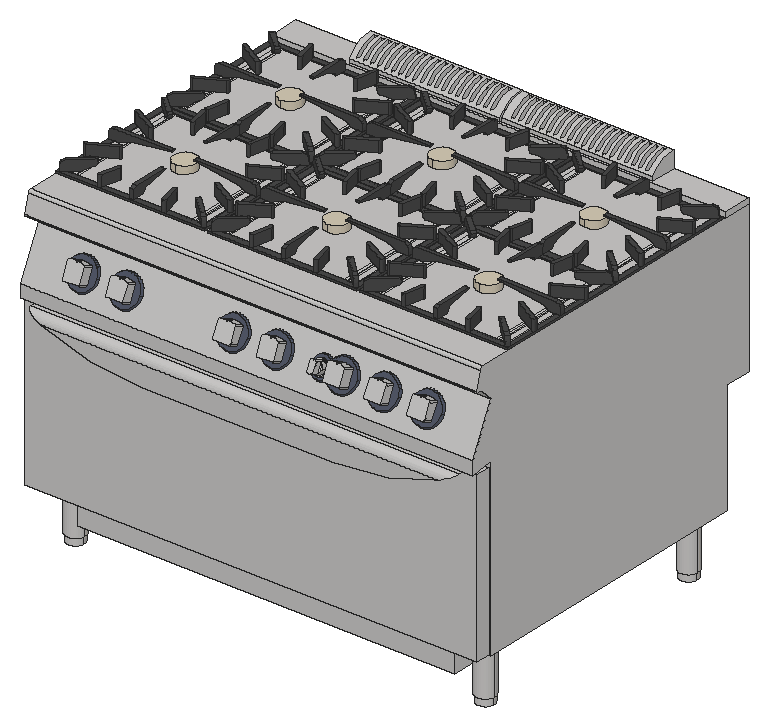
Revit family "QF_ZANUSSI_392015_Z9GCGL6SL0", category Specialty Equipment, Revit 2018 (continued)
Lines and regions (mm)
  symbolic lines
    curve 245: line (855.5, -915.139, 0) -> (919.5, -915.139, 0)
    curve 246: line (1080.5, -915.139, 0) -> (1200, -915.139, 0)
    curve 247: line (919.5, -900.009, 0) -> (919.5, -924.356, 0)
    curve 248: arc (919.5, -924.356, 0) -> (919.646, -924.82, 0) -> (920.032, -925.116, 0) r 0.809
    curve 249: arc (920.032, -925.116, 0) -> (921.22, -925.596, 0) -> (922.497, -925.689, 0) r 4.127
    curve 250: arc (919.5, -904.302, 0) -> (914.459, -902.468, 0) -> (909.691, -900.009, 0) r 42.24
    curve 251: arc (919.5, -906.548, 0) -> (920.002, -905.827, 0) -> (920.799, -905.458, 0) r 1.682
    curve 252: arc (920.799, -905.458, 0) -> (931.102, -903.96, 0) -> (941.5, -903.45, 0) r 109.079
    curve 253: line (941.5, -900.009, 0) -> (941.5, -905.68, 0)
    curve 254: line (941.5, -905.68, 0) -> (943.5, -905.68, 0)
    curve 255: line (943.5, -905.68, 0) -> (943.5, -900.009, 0)
    curve 256: line (965.5, -900.009, 0) -> (965.5, -924.356, 0)
    curve 257: arc (965.5, -924.356, 0) -> (965.354, -924.82, 0) -> (964.968, -925.116, 0) r 0.809
    curve 258: arc (964.968, -925.116, 0) -> (963.78, -925.596, 0) -> (962.503, -925.689, 0) r 4.127
    curve 259: arc (965.5, -904.302, 0) -> (970.541, -902.468, 0) -> (975.309, -900.009, 0) r 42.24
    curve 260: arc (965.5, -906.548, 0) -> (964.998, -905.827, 0) -> (964.201, -905.458, 0) r 1.682
    curve 261: arc (964.201, -905.458, 0) -> (953.898, -903.96, 0) -> (943.5, -903.45, 0) r 109.079
    curve 262: line (922.497, -925.689, 0) -> (962.503, -925.689, 0)
    curve 263: line (965.5, -915.139, 0) -> (1034.5, -915.139, 0)
    curve 264: line (634.5, -900.009, 0) -> (634.5, -924.356, 0)
    curve 265: arc (634.5, -924.356, 0) -> (634.646, -924.82, 0) -> (635.032, -925.116, 0) r 0.809
    curve 266: arc (635.032, -925.116, 0) -> (636.22, -925.596, 0) -> (637.497, -925.689, 0) r 4.127
    curve 267: arc (634.5, -904.302, 0) -> (629.459, -902.468, 0) -> (624.691, -900.009, 0) r 42.24
    curve 268: arc (634.5, -906.548, 0) -> (635.002, -905.827, 0) -> (635.799, -905.458, 0) r 1.682
    curve 269: arc (635.799, -905.458, 0) -> (646.102, -903.96, 0) -> (656.5, -903.45, 0) r 109.079
    curve 270: line (656.5, -900.009, 0) -> (656.5, -905.68, 0)
    curve 271: line (656.5, -905.68, 0) -> (658.5, -905.68, 0)
    curve 272: line (658.5, -905.68, 0) -> (658.5, -900.009, 0)
    curve 273: line (680.5, -900.009, 0) -> (680.5, -924.356, 0)
    curve 274: arc (680.5, -924.356, 0) -> (680.354, -924.82, 0) -> (679.968, -925.116, 0) r 0.809
    curve 275: arc (679.968, -925.116, 0) -> (678.78, -925.596, 0) -> (677.503, -925.689, 0) r 4.127
    curve 276: arc (680.5, -904.302, 0) -> (685.541, -902.468, 0) -> (690.309, -900.009, 0) r 42.24
    curve 277: arc (680.5, -906.548, 0) -> (679.998, -905.827, 0) -> (679.201, -905.458, 0) r 1.682
    curve 278: arc (679.201, -905.458, 0) -> (668.898, -903.96, 0) -> (658.5, -903.45, 0) r 109.079
    curve 279: line (680.5, -915.139, 0) -> (769.501, -915.139, 0)
    curve 280: line (636.811, -925.689, 0) -> (677.503, -925.689, 0)
    curve 281: line (519.5, -900.009, 0) -> (519.5, -924.356, 0)
    curve 282: arc (519.5, -924.356, 0) -> (519.646, -924.82, 0) -> (520.032, -925.116, 0) r 0.809
    curve 283: arc (520.032, -925.116, 0) -> (521.22, -925.596, 0) -> (522.497, -925.689, 0) r 4.127
    curve 284: arc (519.5, -904.302, 0) -> (514.459, -902.468, 0) -> (509.691, -900.009, 0) r 42.24
    curve 285: arc (519.5, -906.548, 0) -> (520.002, -905.827, 0) -> (520.799, -905.458, 0) r 1.682
    curve 286: arc (520.799, -905.458, 0) -> (531.102, -903.96, 0) -> (541.5, -903.45, 0) r 109.079
    curve 287: line (541.5, -900.009, 0) -> (541.5, -905.68, 0)
    curve 288: line (541.5, -905.68, 0) -> (543.5, -905.68, 0)
    curve 289: line (543.5, -905.68, 0) -> (543.5, -900.009, 0)
    curve 290: line (565.5, -900.009, 0) -> (565.5, -924.356, 0)
    curve 291: arc (565.5, -924.356, 0) -> (565.354, -924.82, 0) -> (564.968, -925.116, 0) r 0.809
    curve 292: arc (564.968, -925.116, 0) -> (563.78, -925.596, 0) -> (562.503, -925.689, 0) r 4.127
    curve 293: arc (565.5, -904.302, 0) -> (570.541, -902.468, 0) -> (575.309, -900.009, 0) r 42.24
    curve 294: arc (565.5, -906.548, 0) -> (564.998, -905.827, 0) -> (564.201, -905.458, 0) r 1.682
    curve 295: arc (564.201, -905.458, 0) -> (553.898, -903.96, 0) -> (543.5, -903.45, 0) r 109.079
    curve 296: line (521.811, -925.689, 0) -> (562.503, -925.689, 0)
    curve 297: line (280.5, -915.009, 0) -> (519.5, -915.009, 0)
    curve 298: line (565.5, -915.009, 0) -> (635.5, -915.009, 0)
    curve 299: line (769.501, -925.986, 908.9) -> (769.501, -901.233, 908.9)
    curve 300: line (785.497, -901.233, 908.9) -> (785.497, -925.986, 908.9)
    curve 301: spline (766.865, -910.173, 908.9) -> (765.376, -909.501, 908.9) -> (764.101, -908.746, 908.9) -> (763.061, -907.923, 908.9) -> (762.275, -907.046, 908.9) -> (761.758, -906.131, 908.9) -> (761.517, -905.193, 908.9) -> (761.557, -904.249, 908.9) -> (761.878, -903.316, 908.9) -> (762.474, -902.41, 908.9) -> (763.334, -901.547, 908.9) -> (764.444, -900.742, 908.9) -> (765.783, -900.009, 908.9)
    curve 302: spline (789.214, -900.009, 908.9) -> (790.557, -900.745, 908.9) -> (791.67, -901.552, 908.9) -> (792.532, -902.419, 908.9) -> (793.127, -903.329, 908.9) -> (793.446, -904.266, 908.9) -> (793.482, -905.213, 908.9) -> (793.234, -906.154, 908.9) -> (792.709, -907.072, 908.9) -> (791.913, -907.951, 908.9) -> (790.863, -908.776, 908.9) -> (789.575, -909.531, 908.9) -> (788.074, -910.203, 908.9)
    curve 303: spline (788.074, -910.203, 908.9) -> (787.794, -910.331, 908.9) -> (787.513, -910.496, 908.9) -> (787.235, -910.696, 908.9) -> (786.965, -910.927, 908.9) -> (786.706, -911.186, 908.9) -> (786.463, -911.47, 908.9) -> (786.238, -911.774, 908.9) -> (786.035, -912.094, 908.9) -> (785.857, -912.426, 908.9) -> (785.707, -912.763, 908.9) -> (785.586, -913.103, 908.9) -> (785.497, -913.439, 908.9)
    curve 304: spline (769.501, -913.351, 908.9) -> (769.429, -912.997, 908.9) -> (769.321, -912.643, 908.9) -> (769.18, -912.296, 908.9) -> (769.007, -911.959, 908.9) -> (768.806, -911.637, 908.9) -> (768.577, -911.336, 908.9) -> (768.327, -911.06, 908.9) -> (768.056, -910.812, 908.9) -> (767.771, -910.597, 908.9) -> (767.474, -910.417, 908.9) -> (767.171, -910.275, 908.9) -> (766.865, -910.173, 908.9)
    curve 305: line (761.499, -904.856, 908.9) -> (761.499, -900.009, 908.9)
    curve 306: line (793.501, -904.86, 908.9) -> (793.501, -900.009, 908.9)
    curve 307: arc (769.501, -925.986, 908.9) -> (777.499, -927.072, 908.9) -> (785.497, -925.986, 908.9) r 30
    curve 308: arc (769.501, -901.233, 0) -> (769.402, -900.576, 0) -> (769.056, -900.009, 0) r 1.677
    curve 309: arc (785.497, -901.233, 0) -> (785.596, -900.576, 0) -> (785.942, -900.009, 0) r 1.677
    curve 310: line (31.562, -920, 0) -> (73.945, -940, 0)
    curve 311: line (31.562, -915.139, 0) -> (31.562, -920, 0)
    curve 312: line (73.945, -940, 0) -> (1126.583, -940, 0)
    curve 313: line (1168.889, -920, 0) -> (1168.889, -915.139, 0)
    curve 314: line (1126.583, -940, 0) -> (1168.889, -920, 0)
  symbolic lines, style "QF_Clearances", visible <- "Show Clearance", detail levels coarse
    curve 7: line (-100, -915, 150) -> (-100, 100, 150)
    curve 8: line (-100, 100, 150) -> (1300, 100, 150)
    curve 9: line (1300, 100, 150) -> (1300, -915, 150)
Dimensions and locks
  equal spacing: plane 3 "LEFT", plane 7 "Center Y", plane 4 "RIGHT"
  plane 3 "LEFT" to plane 4 "RIGHT" = 1200 mm
  equal spacing: plane 5 "FRONT", plane 8 "Center X", plane 1 "BACK"
  plane 11 to plane 1 "BACK" = 915 mm  (x2)
  plane 6 "TOP" to level = 908 mm
  plane 9 "Base" to level = 150 mm
  plane 6 "TOP" to plane 10 = 58 mm  (x3)
  plane 1 "BACK" to plane 11 = 915 mm
  plane 1 "BACK" to plane 12 = 1109 mm
  plane 13 to plane 1 "BACK" = 128 mm
  plane 9 "Base" to plane 2 = 150 mm
  plane 14 to plane 13 = 674 mm
  plane 15 to plane 1 "BACK" = 1310 mm
  Extrusion 3 sketch curve to plane 1 "BACK" = 666 mm
  Extrusion 3 sketch curve to plane 4 "RIGHT" = 52 mm
  plane 16 to plane 1 "BACK" = 666 mm
  plane 6 "TOP" to plane 2 = 908 mm
  plane 10 to plane 2 = 850 mm
  Extrusion 4 sketch curve to Extrusion 4 sketch curve = 100 mm
  plane 3 "LEFT" to plane 17 = 56 mm
  plane 4 "RIGHT" to plane 18 = 56 mm
  plane 18 to plane 17 = 1088 mm
  Extrusion 3 to plane 9 "Base" = 21 mm
  plane 10 to plane 9 "Base" = 700 mm
  aligned and locked: level to plane 2
  aligned and locked: plane 4 "RIGHT" to Extrusion 1
  aligned and locked: plane 4 "RIGHT" to Extrusion 2
Automatic sketch dimensions
  plane 11 to curve 9 = 0 mm
  curve 3 to plane 4 "RIGHT" = 0 mm
  plane 1 "BACK" to curve 90 = 0 mm
  curve 1 to plane 3 "LEFT" = 0 mm
  plane 11 to curve 7 = 0 mm
  curve 1 to plane 15 = 0 mm
  plane 4 "RIGHT" to curve 8 = 100 mm
  curve 90 to plane 18 = 141.6 mm
  curve 90 to curve 59 = 14.847 mm
  curve 58 to curve 61 = 9.296 mm
  curve 59 to curve 63 = 9.397 mm
  curve 62 to curve 65 = 9.296 mm
  curve 63 to curve 66 = 9.397 mm
  curve 66 to curve 69 = 9.296 mm
  curve 67 to curve 71 = 9.397 mm
  curve 70 to curve 72 = 9.296 mm
  curve 72 to curve 74 = 9.397 mm
  curve 74 to curve 77 = 9.296 mm
  curve 75 to curve 79 = 9.397 mm
  curve 78 to curve 80 = 9.296 mm
  curve 80 to curve 82 = 9.397 mm
  curve 82 to curve 84 = 9.296 mm
  curve 83 to curve 87 = 9.397 mm
  curve 86 to curve 89 = 9.296 mm
  curve 87 to curve 14 = 9.397 mm
  curve 14 to curve 17 = 9.296 mm
  curve 16 to curve 21 = 9.397 mm
  curve 18 to curve 21 = 9.296 mm
  curve 19 to curve 22 = 9.397 mm
  curve 22 to curve 24 = 9.296 mm
  curve 23 to curve 27 = 9.397 mm
  curve 26 to curve 28 = 9.296 mm
  curve 27 to curve 30 = 9.397 mm
  curve 30 to curve 33 = 9.296 mm
  curve 31 to curve 35 = 9.397 mm
  curve 34 to curve 35 = 9.296 mm
  curve 35 to curve 38 = 9.397 mm
  curve 38 to curve 40 = 9.296 mm
  curve 39 to curve 42 = 9.397 mm
  curve 42 to curve 44 = 9.296 mm
  curve 43 to curve 47 = 9.397 mm
  curve 46 to curve 48 = 9.296 mm
  curve 48 to curve 50 = 9.397 mm
  curve 50 to curve 52 = 9.296 mm
  curve 52 to curve 54 = 9.397 mm
  curve 54 to curve 57 = 9.296 mm
  curve 55 to curve 11 = 9.397 mm
  curve 10 to curve 11 = 9.296 mm
  plane 7 "Center Y" to curve 91 = 2.4 mm
  curve 175 to plane 7 "Center Y" = 2.4 mm
  curve 175 to curve 96 = 20.698 mm
  curve 95 to curve 94 = 9.296 mm
  curve 94 to curve 139 = 9.397 mm
  curve 140 to curve 141 = 9.296 mm
  curve 138 to curve 135 = 9.397 mm
  curve 135 to curve 135 = 9.296 mm
  curve 134 to curve 132 = 9.397 mm
  curve 132 to curve 133 = 9.296 mm
  curve 130 to curve 127 = 9.397 mm
  curve 128 to curve 129 = 9.296 mm
  curve 126 to curve 125 = 9.397 mm
  curve 123 to curve 123 = 9.296 mm
  curve 122 to curve 121 = 9.397 mm
  curve 120 to curve 118 = 9.296 mm
  curve 118 to curve 116 = 9.397 mm
  curve 116 to curve 117 = 9.296 mm
  curve 114 to curve 111 = 9.397 mm
  curve 111 to curve 110 = 9.296 mm
  curve 110 to curve 109 = 9.397 mm
  curve 108 to curve 109 = 9.296 mm
  curve 106 to curve 103 = 9.397 mm
  curve 103 to curve 103 = 9.296 mm
  curve 102 to curve 99 = 9.397 mm
  curve 100 to curve 101 = 9.296 mm
  curve 98 to curve 173 = 9.397 mm
  curve 172 to curve 173 = 9.296 mm
  curve 170 to curve 168 = 9.397 mm
  curve 168 to curve 169 = 9.296 mm
  curve 166 to curve 165 = 9.397 mm
  curve 163 to curve 163 = 9.296 mm
  curve 162 to curve 161 = 9.397 mm
  curve 159 to curve 159 = 9.296 mm
  curve 158 to curve 155 = 9.397 mm
  curve 155 to curve 155 = 9.296 mm
  curve 154 to curve 152 = 9.397 mm
  curve 151 to curve 151 = 9.296 mm
  curve 150 to curve 147 = 9.397 mm
  curve 147 to curve 147 = 9.296 mm
  curve 146 to curve 143 = 9.397 mm
  curve 143 to curve 142 = 9.296 mm
  curve 142 to curve 174 = 14.847 mm
  curve 7 to plane 3 "LEFT" = 100 mm
  curve 7 to plane 1 "BACK" = 100 mm
  plane 1 "BACK" to curve 170 = 6.761 mm
  plane 1 "BACK" to curve 150 = 6.761 mm
  plane 1 "BACK" to curve 169 = 6.761 mm
  plane 1 "BACK" to curve 149 = 6.761 mm
  plane 1 "BACK" to curve 165 = 6.761 mm
  plane 1 "BACK" to curve 145 = 6.761 mm
  plane 1 "BACK" to curve 10 = 6.761 mm
  plane 1 "BACK" to curve 141 = 6.761 mm
  plane 1 "BACK" to curve 14 = 6.761 mm
  plane 1 "BACK" to curve 137 = 6.761 mm
  plane 1 "BACK" to curve 18 = 6.761 mm
  plane 1 "BACK" to curve 133 = 6.761 mm
  plane 1 "BACK" to curve 22 = 6.761 mm
  plane 1 "BACK" to curve 129 = 6.761 mm
  plane 1 "BACK" to curve 26 = 6.761 mm
  plane 1 "BACK" to curve 125 = 6.761 mm
  plane 1 "BACK" to curve 30 = 6.761 mm
  plane 1 "BACK" to curve 121 = 6.761 mm
  plane 1 "BACK" to curve 34 = 6.761 mm
  plane 1 "BACK" to curve 117 = 6.761 mm
  plane 1 "BACK" to curve 38 = 6.761 mm
  plane 1 "BACK" to curve 113 = 6.761 mm
  plane 1 "BACK" to curve 42 = 6.761 mm
  plane 1 "BACK" to curve 109 = 6.761 mm
  plane 1 "BACK" to curve 46 = 6.761 mm
  plane 1 "BACK" to curve 105 = 6.761 mm
  plane 1 "BACK" to curve 50 = 6.761 mm
  plane 1 "BACK" to curve 101 = 6.761 mm
  plane 1 "BACK" to curve 54 = 6.761 mm
  plane 1 "BACK" to curve 97 = 6.761 mm
  plane 1 "BACK" to curve 58 = 6.761 mm
  plane 1 "BACK" to curve 156 = 6.761 mm
  plane 1 "BACK" to curve 158 = 6.761 mm
  plane 1 "BACK" to curve 62 = 6.761 mm
  plane 1 "BACK" to curve 66 = 6.761 mm
  plane 1 "BACK" to curve 89 = 6.761 mm
  plane 1 "BACK" to curve 70 = 6.761 mm
  plane 1 "BACK" to curve 85 = 6.761 mm
  plane 1 "BACK" to curve 74 = 6.761 mm
  plane 1 "BACK" to curve 81 = 6.761 mm
  curve 78 to curve 79 = 57.15 mm
  curve 78 to curve 76 = 0 mm
  curve 82 to curve 79 = 0 mm
  curve 74 to curve 72 = 0 mm
  curve 86 to curve 83 = 0 mm
  curve 70 to curve 68 = 0 mm
  curve 66 to curve 64 = 0 mm
  curve 160 to curve 160 = 57.15 mm
  curve 62 to curve 60 = 0 mm
  curve 156 to curve 158 = 0 mm
  curve 56 to curve 56 = 57.15 mm
  curve 94 to curve 94 = 57.15 mm
  curve 54 to curve 52 = 0 mm
  curve 98 to curve 98 = 57.15 mm
  curve 50 to curve 48 = 0 mm
  curve 99 to curve 102 = 0 mm
  curve 46 to curve 44 = 0 mm
  curve 103 to curve 106 = 0 mm
  curve 42 to curve 40 = 0 mm
  curve 107 to curve 110 = 0 mm
  curve 38 to curve 36 = 0 mm
  curve 111 to curve 114 = 0 mm
  curve 34 to curve 32 = 0 mm
  curve 115 to curve 118 = 0 mm
  curve 30 to curve 28 = 0 mm
  curve 119 to curve 122 = 0 mm
  curve 26 to curve 24 = 0 mm
  curve 123 to curve 126 = 0 mm
  curve 22 to curve 20 = 0 mm
  curve 127 to curve 130 = 0 mm
  curve 18 to curve 16 = 0 mm
  curve 131 to curve 134 = 0 mm
  curve 12 to curve 55 = 0 mm
  curve 135 to curve 138 = 0 mm
  curve 159 to curve 162 = 0 mm
  curve 142 to curve 154 = 0 mm
  curve 163 to curve 166 = 0 mm
  curve 143 to curve 146 = 0 mm
  curve 167 to curve 170 = 0 mm
  curve 147 to curve 150 = 0 mm
  curve 11 to curve 91 = 5.939 mm
  curve 58 to curve 90 = 5.939 mm
  curve 175 to curve 91 = 0 mm
  curve 142 to curve 174 = 5.939 mm
  Extrusion 2 sketch curve to Extrusion 2 sketch curve = 14.288 mm
  plane 11 to Extrusion 4 sketch curve = 0 mm  (x2)
  plane 1 "BACK" to Extrusion 4 sketch curve = 0 mm
  Extrusion 4 sketch curve to plane 3 "LEFT" = 0 mm
  Extrusion 4 sketch curve to plane 4 "RIGHT" = 0 mm
  Extrusion 4 sketch curve to plane 3 "LEFT" = 100 mm
  plane 4 "RIGHT" to Extrusion 4 sketch curve = 100 mm
  Extrusion 5 sketch curve to plane 1 "BACK" = 0 mm
  Extrusion 5 sketch curve to plane 6 "TOP" = 0 mm
  plane 1 "BACK" to Extrusion 5 sketch curve = 1.769 mm
  plane 10 to Extrusion 5 sketch curve = 23.813 mm
  plane 1 "BACK" to Extrusion 5 sketch curve = 69.85 mm
  plane 10 to Extrusion 5 sketch curve = 14.288 mm
  Revolve 6 sketch curve to plane 9 "Base" = 0 mm  (x2)
  Revolve 6 sketch curve to level = 0 mm
  Revolve 6 sketch curve to plane 18 = 0 mm  (x2)
  Revolve 6 sketch curve to Revolve 6 sketch curve = 22.9 mm
  Revolve 6 sketch curve to Revolve 6 sketch curve = 2.5 mm
  plane 9 "Base" to Revolve 6 sketch curve = 20 mm
  level to Revolve 6 sketch curve = 19.05 mm
  Revolve 7 sketch curve to plane 9 "Base" = 0 mm  (x2)
  Revolve 7 sketch curve to level = 0 mm
  Revolve 7 sketch curve to plane 18 = 0 mm  (x2)
  Revolve 7 sketch curve to Revolve 7 sketch curve = 22.9 mm
  Revolve 7 sketch curve to Revolve 7 sketch curve = 2.5 mm
  plane 9 "Base" to Revolve 7 sketch curve = 20 mm
  level to Revolve 7 sketch curve = 19.05 mm
  plane 1 "BACK" to Extrusion 9 sketch curve = 63.911 mm  (x2)
  Extrusion 9 sketch curve to plane 18 = 156.447 mm
  Extrusion 9 sketch curve to Extrusion 9 sketch curve = 9.296 mm  (x20)
  Extrusion 9 sketch curve to Extrusion 9 sketch curve = 9.397 mm  (x19)
  Extrusion 9 sketch curve to Extrusion 9 sketch curve = 0 mm  (x18)
  plane 1 "BACK" to Extrusion 9 sketch curve = 6.761 mm  (x20)
  Revolve 10 sketch curve to plane 9 "Base" = 0 mm  (x2)
  Revolve 10 sketch curve to level = 0 mm
  plane 17 to Revolve 10 sketch curve = 0 mm  (x2)
  plane 17 to Revolve 10 sketch curve = 22.9 mm
  Revolve 10 sketch curve to Revolve 10 sketch curve = 2.5 mm
  level to Revolve 10 sketch curve = 19.05 mm
  plane 9 "Base" to Revolve 10 sketch curve = 20 mm
  Revolve 11 sketch curve to plane 9 "Base" = 0 mm  (x2)
  Revolve 11 sketch curve to level = 0 mm
  plane 17 to Revolve 11 sketch curve = 0 mm  (x2)
  plane 17 to Revolve 11 sketch curve = 22.9 mm
  Revolve 11 sketch curve to Revolve 11 sketch curve = 2.5 mm
  level to Revolve 11 sketch curve = 19.05 mm
  plane 9 "Base" to Revolve 11 sketch curve = 20 mm
  Extrusion 12 sketch curve to plane 1 "BACK" = 0 mm
  Extrusion 12 sketch curve to plane 6 "TOP" = 0 mm
  plane 1 "BACK" to Extrusion 12 sketch curve = 1.769 mm
  plane 10 to Extrusion 12 sketch curve = 23.813 mm
  plane 1 "BACK" to Extrusion 12 sketch curve = 69.85 mm
  plane 10 to Extrusion 12 sketch curve = 14.288 mm
  plane 1 "BACK" to Extrusion 13 sketch curve = 63.911 mm  (x2)
  Extrusion 13 sketch curve to plane 17 = 156.447 mm
  Extrusion 13 sketch curve to Extrusion 13 sketch curve = 9.296 mm  (x20)
  Extrusion 13 sketch curve to Extrusion 13 sketch curve = 9.397 mm  (x19)
  Extrusion 13 sketch curve to Extrusion 13 sketch curve = 0 mm  (x18)
  plane 1 "BACK" to Extrusion 13 sketch curve = 6.761 mm  (x20)
  Extrusion 1 sketch curve to plane 10 = 0 mm
  Extrusion 1 sketch curve to plane 9 "Base" = 0 mm
  plane 15 to Extrusion 1 sketch curve = 395 mm
  plane 9 "Base" to Extrusion 1 sketch curve = 5 mm
  plane 15 to Extrusion 1 sketch curve = 410 mm
  Extrusion 1 sketch curve to plane 10 = 52.989 mm
  Extrusion 1 sketch curve to Extrusion 1 sketch curve = 15.116 mm
  Extrusion 1 sketch curve to Extrusion 1 sketch curve = 2.884 mm
  Extrusion 1 sketch curve to plane 10 = 7.474 mm
  Extrusion 1 sketch curve to Extrusion 1 sketch curve = 13.051 mm
  Extrusion 1 sketch curve to Extrusion 1 sketch curve = 10.198 mm
  Extrusion 1 sketch curve to Extrusion 1 sketch curve = 40 mm
  Extrusion 1 sketch curve to Extrusion 1 sketch curve = 1.355 mm
  Extrusion 1 sketch curve to Extrusion 1 sketch curve = 0.445 mm
  Extrusion 1 sketch curve to Extrusion 1 sketch curve = 5 mm
  Extrusion 1 sketch curve to Extrusion 1 sketch curve = 31.82 mm
  Extrusion 1 sketch curve to plane 5 "FRONT" = 629 mm
  plane 16 to Extrusion 1 sketch curve = 666 mm
  Extrusion 1 sketch curve to Extrusion 1 sketch curve = 300 mm
  Extrusion 1 sketch curve to Extrusion 1 sketch curve = 197.011 mm
  Extrusion 1 sketch curve to Extrusion 1 sketch curve = 5.508 mm
  Extrusion 1 sketch curve to Extrusion 1 sketch curve = 10.259 mm
  Extrusion 1 sketch curve to Extrusion 1 sketch curve = 35 mm
  Extrusion 1 sketch curve to Extrusion 1 sketch curve = 35.647 mm
  Extrusion 1 sketch curve to Extrusion 1 sketch curve = 3.827 mm
  Extrusion 2 sketch curve to Extrusion 1 = 0 mm  (x2)
  Extrusion 2 sketch curve to Extrusion 1 = 5.2 mm
  plane 18 to Extrusion 8 sketch curve = 13 mm
  plane 16 to Extrusion 8 sketch curve = 90 mm
  Split face 27 sketch curve to Split face 27 sketch curve = 2.545 mm
  Split face 27 sketch curve to Split face 27 sketch curve = 4.379 mm
  Split face 29 sketch curve to Split face 29 sketch curve = 6 mm
  Split face 29 sketch curve to Split face 29 sketch curve = 10 mm
  Split face 30 sketch curve to Split face 30 sketch curve = 5 mm
  Split face 30 sketch curve to Split face 30 sketch curve = 9 mm
  Split face 31 sketch curve to Split face 31 sketch curve = 5 mm
  Split face 32 sketch curve to Split face 32 sketch curve = 5 mm
  Split face 33 sketch curve to Split face 33 sketch curve = 6 mm
  Split face 33 sketch curve to Split face 33 sketch curve = 10 mm
  Split face 34 sketch curve to Split face 34 sketch curve = 5 mm
  Split face 34 sketch curve to Split face 34 sketch curve = 9 mm
  Split face 35 sketch curve to Split face 35 sketch curve = 5 mm
  Split face 36 sketch curve to Split face 36 sketch curve = 5 mm
  Split face 45 sketch curve to Split face 45 sketch curve = 6 mm
  Split face 45 sketch curve to Split face 45 sketch curve = 10 mm
  Split face 46 sketch curve to Split face 46 sketch curve = 5 mm
  Split face 46 sketch curve to Split face 46 sketch curve = 9 mm
  Split face 47 sketch curve to Split face 47 sketch curve = 5 mm
  Split face 48 sketch curve to Split face 48 sketch curve = 5 mm
  Split face 49 sketch curve to Split face 49 sketch curve = 6 mm
  Split face 49 sketch curve to Split face 49 sketch curve = 10 mm
  Split face 50 sketch curve to Split face 50 sketch curve = 5 mm
  Split face 50 sketch curve to Split face 50 sketch curve = 9 mm
  Split face 51 sketch curve to Split face 51 sketch curve = 5 mm
  Split face 52 sketch curve to Split face 52 sketch curve = 5 mm
  Split face 61 sketch curve to Split face 61 sketch curve = 6 mm
  Split face 61 sketch curve to Split face 61 sketch curve = 10 mm
  Split face 62 sketch curve to Split face 62 sketch curve = 5 mm
  Split face 62 sketch curve to Split face 62 sketch curve = 9 mm
  Split face 63 sketch curve to Split face 63 sketch curve = 5 mm
  Split face 64 sketch curve to Split face 64 sketch curve = 5 mm
  Split face 65 sketch curve to Split face 65 sketch curve = 6 mm
  Split face 65 sketch curve to Split face 65 sketch curve = 10 mm
  Split face 66 sketch curve to Split face 66 sketch curve = 5 mm
  Split face 66 sketch curve to Split face 66 sketch curve = 9 mm
  Split face 67 sketch curve to Split face 67 sketch curve = 5 mm
  Split face 68 sketch curve to Split face 68 sketch curve = 5 mm
  plane 7 "Center Y" to Blend 15 sketch curve = 179.5 mm  (x2)
  Blend 15 sketch curve to Blend 15 sketch curve = 53 mm  (x2)
  Blend 15 sketch curve to Blend 15 sketch curve = 0 mm  (x2)
  Blend 15 sketch curve to Blend 15 sketch curve = 17.95 mm
  Blend 15 sketch curve to Blend 15 sketch curve = 24.037 mm
  Blend 15 sketch curve to Blend 15 sketch curve = 18.422 mm
  Blend 15 sketch curve to Blend 15 sketch curve = 21.086 mm
  plane 7 "Center Y" to Extrusion 16 sketch curve = 177.499 mm
  plane 7 "Center Y" to Extrusion 17 sketch curve = 160.607 mm
  Extrusion 17 sketch curve to Extrusion 17 sketch curve = 6.058 mm
  Extrusion 17 sketch curve to Extrusion 17 sketch curve = 0.01 mm  (x2)
  Extrusion 17 sketch curve to Extrusion 17 sketch curve = 8.895 mm  (x2)
  Extrusion 17 sketch curve to Extrusion 17 sketch curve = 15.995 mm
  Extrusion 17 sketch curve to Extrusion 17 sketch curve = 2.827 mm  (x3)
  Extrusion 17 sketch curve to Extrusion 17 sketch curve = 0 mm
  Extrusion 17 sketch curve to Extrusion 17 sketch curve = 15.163 mm
  Extrusion 17 sketch curve to Extrusion 17 sketch curve = 15.173 mm
  plane 7 "Center Y" to Extrusion 18 sketch curve = 209.5 mm
  Extrusion 18 sketch curve to Extrusion 18 sketch curve = 2.997 mm  (x3)
  Extrusion 18 sketch curve to Extrusion 18 sketch curve = 20.003 mm  (x2)
  Extrusion 18 sketch curve to Extrusion 18 sketch curve = 40.005 mm
  Extrusion 18 sketch curve to Extrusion 18 sketch curve = 5.399 mm
  Extrusion 18 sketch curve to Extrusion 18 sketch curve = 40.037 mm
  Extrusion 18 sketch curve to Extrusion 18 sketch curve = 0 mm  (x2)
  Blend 19 sketch curve to plane 18 = 201.5 mm  (x2)
  Extrusion 20 sketch curve to plane 18 = 224.5 mm
  Extrusion 20 sketch curve to Extrusion 20 sketch curve = 2.997 mm  (x3)
  Extrusion 20 sketch curve to Extrusion 20 sketch curve = 20.003 mm  (x2)
  Extrusion 20 sketch curve to Extrusion 20 sketch curve = 40.005 mm
  Extrusion 20 sketch curve to Extrusion 20 sketch curve = 5.399 mm
  Extrusion 20 sketch curve to Extrusion 20 sketch curve = 40.037 mm
  Extrusion 20 sketch curve to Extrusion 20 sketch curve = 0 mm  (x2)
  Extrusion 21 sketch curve to plane 11 = 9.394 mm
  Extrusion 21 sketch curve to plane 10 = 111.98 mm
  Extrusion 21 sketch curve to Extrusion 21 sketch curve = 3 mm
  Extrusion 21 sketch curve to Extrusion 21 sketch curve = 0 mm  (x2)
  Extrusion 21 sketch curve to Extrusion 21 sketch curve = 1 mm
  Extrusion 21 sketch curve to Extrusion 21 sketch curve = 15 mm
  Extrusion 22 sketch curve to plane 18 = 219 mm
  Extrusion 22 sketch curve to Extrusion 22 sketch curve = 35 mm  (x2)
  Extrusion 23 sketch curve to plane 11 = 9.394 mm
  Extrusion 23 sketch curve to plane 10 = 111.98 mm
  Extrusion 23 sketch curve to Extrusion 23 sketch curve = 3 mm
  Extrusion 23 sketch curve to Extrusion 23 sketch curve = 0 mm
  Extrusion 23 sketch curve to Extrusion 23 sketch curve = 1 mm  (x2)
  Extrusion 23 sketch curve to Extrusion 23 sketch curve = 15 mm
  Extrusion 24 sketch curve to plane 18 = 69 mm
  Extrusion 24 sketch curve to Extrusion 24 sketch curve = 35 mm  (x2)
  Blend 25 sketch curve to plane 18 = 86.5 mm  (x2)
  Extrusion 26 sketch curve to plane 18 = 63.5 mm
  Extrusion 26 sketch curve to Extrusion 26 sketch curve = 2.997 mm  (x3)
  Extrusion 26 sketch curve to Extrusion 26 sketch curve = 20.003 mm  (x2)
  Extrusion 26 sketch curve to Extrusion 26 sketch curve = 40.005 mm
  Extrusion 26 sketch curve to Extrusion 26 sketch curve = 0 mm  (x2)
  Extrusion 26 sketch curve to Extrusion 26 sketch curve = 40.037 mm
  Extrusion 26 sketch curve to Extrusion 26 sketch curve = 5.399 mm
  plane 7 "Center Y" to Extrusion 27 sketch curve = 177.499 mm
  Extrusion 28 sketch curve to plane 11 = 9.394 mm
  Extrusion 28 sketch curve to plane 10 = 111.98 mm
  Extrusion 28 sketch curve to Extrusion 28 sketch curve = 3 mm
  Extrusion 28 sketch curve to Extrusion 28 sketch curve = 0 mm  (x2)
  Extrusion 28 sketch curve to Extrusion 28 sketch curve = 1 mm
  Extrusion 28 sketch curve to Extrusion 28 sketch curve = 15 mm
  Blend 29 sketch curve to plane 17 = 86.5 mm  (x2)
  Extrusion 30 sketch curve to plane 17 = 63.5 mm
  Extrusion 30 sketch curve to Extrusion 30 sketch curve = 2.997 mm  (x3)
  Extrusion 30 sketch curve to Extrusion 30 sketch curve = 20.003 mm  (x2)
  Extrusion 30 sketch curve to Extrusion 30 sketch curve = 40.005 mm
  Extrusion 30 sketch curve to Extrusion 30 sketch curve = 5.399 mm
  Extrusion 30 sketch curve to Extrusion 30 sketch curve = 40.037 mm
  Extrusion 30 sketch curve to Extrusion 30 sketch curve = 0 mm  (x2)
  Extrusion 31 sketch curve to plane 11 = 9.394 mm
  Extrusion 31 sketch curve to plane 10 = 111.98 mm
  Extrusion 31 sketch curve to Extrusion 31 sketch curve = 3 mm
  Extrusion 31 sketch curve to Extrusion 31 sketch curve = 0 mm  (x2)
  Extrusion 31 sketch curve to Extrusion 31 sketch curve = 1 mm
  Extrusion 31 sketch curve to Extrusion 31 sketch curve = 15 mm
  Extrusion 32 sketch curve to plane 17 = 69 mm
  Extrusion 32 sketch curve to Extrusion 32 sketch curve = 35 mm  (x2)
  Extrusion 33 sketch curve to plane 11 = 9.394 mm
  Extrusion 33 sketch curve to plane 10 = 111.98 mm
  Extrusion 33 sketch curve to Extrusion 33 sketch curve = 3 mm
  Extrusion 33 sketch curve to Extrusion 33 sketch curve = 0 mm
  Extrusion 33 sketch curve to Extrusion 33 sketch curve = 1 mm  (x2)
  Extrusion 33 sketch curve to Extrusion 33 sketch curve = 15 mm
  Extrusion 34 sketch curve to plane 17 = 219 mm
  Extrusion 34 sketch curve to Extrusion 34 sketch curve = 35 mm  (x2)
  Blend 35 sketch curve to plane 17 = 201.5 mm  (x2)
  Extrusion 36 sketch curve to plane 17 = 224.5 mm
  Extrusion 36 sketch curve to Extrusion 36 sketch curve = 2.997 mm  (x3)
  Extrusion 36 sketch curve to Extrusion 36 sketch curve = 20.003 mm  (x2)
  Extrusion 36 sketch curve to Extrusion 36 sketch curve = 40.005 mm
  Extrusion 36 sketch curve to Extrusion 36 sketch curve = 0 mm  (x2)
  Extrusion 36 sketch curve to Extrusion 36 sketch curve = 40.037 mm
  Extrusion 36 sketch curve to Extrusion 36 sketch curve = 5.399 mm
  Blend 37 sketch curve to plane 7 "Center Y" = 57.5 mm  (x2)
  Extrusion 38 sketch curve to plane 7 "Center Y" = 80.5 mm
  Extrusion 38 sketch curve to Extrusion 38 sketch curve = 2.997 mm  (x3)
  Extrusion 38 sketch curve to Extrusion 38 sketch curve = 20.003 mm  (x2)
  Extrusion 38 sketch curve to plane 7 "Center Y" = 37.497 mm
  Extrusion 38 sketch curve to Extrusion 38 sketch curve = 5.399 mm
  Extrusion 38 sketch curve to Extrusion 38 sketch curve = 40.037 mm
  Extrusion 38 sketch curve to Extrusion 38 sketch curve = 0 mm  (x2)
  Extrusion 39 sketch curve to plane 11 = 9.394 mm
  Extrusion 39 sketch curve to plane 10 = 111.98 mm
  Extrusion 39 sketch curve to Extrusion 39 sketch curve = 3 mm
  Extrusion 39 sketch curve to Extrusion 39 sketch curve = 0 mm  (x2)
  Extrusion 39 sketch curve to Extrusion 39 sketch curve = 1 mm
  Extrusion 39 sketch curve to Extrusion 39 sketch curve = 15 mm
  Extrusion 40 sketch curve to plane 7 "Center Y" = 75 mm
  Extrusion 40 sketch curve to Extrusion 40 sketch curve = 35 mm  (x2)
  Extrusion 41 sketch curve to plane 11 = 9.394 mm
  Extrusion 41 sketch curve to plane 10 = 111.98 mm
  Extrusion 41 sketch curve to Extrusion 41 sketch curve = 3 mm
  Extrusion 41 sketch curve to Extrusion 41 sketch curve = 0 mm
  Extrusion 41 sketch curve to Extrusion 41 sketch curve = 1 mm  (x2)
  Extrusion 41 sketch curve to Extrusion 41 sketch curve = 15 mm
  plane 7 "Center Y" to Extrusion 42 sketch curve = 75 mm
  Extrusion 42 sketch curve to Extrusion 42 sketch curve = 35 mm  (x2)
  plane 7 "Center Y" to Blend 43 sketch curve = 57.5 mm  (x2)
  plane 7 "Center Y" to Extrusion 44 sketch curve = 80.5 mm
  Extrusion 44 sketch curve to Extrusion 44 sketch curve = 2.997 mm  (x3)
  Extrusion 44 sketch curve to Extrusion 44 sketch curve = 20.003 mm  (x2)
  plane 7 "Center Y" to Extrusion 44 sketch curve = 37.497 mm
  Extrusion 44 sketch curve to Extrusion 44 sketch curve = 0 mm  (x2)
  Extrusion 44 sketch curve to Extrusion 44 sketch curve = 40.037 mm
  Extrusion 44 sketch curve to Extrusion 44 sketch curve = 5.399 mm
  Extrusion 47 sketch curve to plane 17 = 44 mm
  plane 9 "Base" to Extrusion 47 sketch curve = 5 mm
  Extrusion 47 sketch curve to plane 18 = 44 mm
  level to Extrusion 47 sketch curve = 70 mm
  plane 11 to curve 3 = 0 mm
  plane 11 to curve 1 = 0 mm
  curve 307 to plane 12 = 211.928 mm
  plane 7 "Center Y" to curve 307 = 177.499 mm
  curve 302 to plane 12 = 204.14 mm
  curve 302 to curve 307 = 0.001 mm
  curve 300 to curve 302 = 7.996 mm
  curve 303 to curve 303 = 2.259 mm
  curve 302 to curve 303 = 0.319 mm
  curve 302 to curve 300 = 3.717 mm
  curve 303 to curve 302 = 1.423 mm
  curve 306 to plane 12 = 204.14 mm
  curve 306 to curve 302 = 4.288 mm
  curve 302 to curve 301 = 0.001 mm
  curve 299 to plane 12 = 207.767 mm
  curve 304 to curve 304 = 0.865 mm
  curve 304 to curve 304 = 2.495 mm
  curve 304 to curve 301 = 0.141 mm
  curve 299 to curve 301 = 3.718 mm
  curve 301 to curve 302 = 4.284 mm
  curve 302 to curve 301 = 0 mm
  curve 302 to plane 12 = 208.991 mm
  curve 301 to curve 299 = 1.224 mm
  curve 302 to curve 306 = 0 mm
  curve 305 to curve 301 = 0 mm
  curve 300 to plane 12 = 207.767 mm
  curve 305 to curve 302 = 0.003 mm
  curve 301 to curve 302 = 0.003 mm
  curve 302 to curve 303 = 0.047 mm
  curve 301 to curve 304 = 2.86 mm
  curve 304 to curve 299 = 10.261 mm
  plane 17 to Extrusion 46 sketch curve = 24.438 mm
  Extrusion 46 sketch curve to plane 7 "Center Y" = 259.928 mm
  Extrusion 46 sketch curve to plane 7 "Center Y" = 255.802 mm
  plane 7 "Center Y" to Extrusion 46 sketch curve = 255.797 mm
  plane 7 "Center Y" to Extrusion 46 sketch curve = 259.908 mm
  plane 18 to Extrusion 46 sketch curve = 24.889 mm
  Extrusion 46 sketch curve to plane 10 = 335 mm  (x2)
  Extrusion 46 sketch curve to Extrusion 46 sketch curve = 10 mm
  Extrusion 46 sketch curve to Extrusion 46 sketch curve = 10.218 mm
  Extrusion 46 sketch curve to Extrusion 46 sketch curve = 85 mm
  plane 6 "TOP" to Extrusion 46 sketch curve = 290.849 mm
  Extrusion 45 sketch curve to Extrusion 45 sketch curve = 0 mm  (x2)
  plane 11 to Extrusion 45 sketch curve = 25 mm
  Extrusion 45 sketch curve to Extrusion 45 sketch curve = 5 mm
  plane 11 to Extrusion 45 sketch curve = 5 mm
  Extrusion 45 sketch curve to plane 11 = 15 mm
  Extrusion 45 sketch curve to plane 10 = 325 mm
  Extrusion 45 sketch curve to Extrusion 45 sketch curve = 55 mm
  plane 15 to Extrusion 14 sketch curve = 1.028 mm
  plane 9 "Base" to Extrusion 14 sketch curve = 5 mm
  Extrusion 14 sketch curve to plane 11 = 15 mm
  plane 9 "Base" to Extrusion 14 sketch curve = 6.461 mm
  Extrusion 14 sketch curve to Extrusion 14 sketch curve = 36.025 mm
  curve 242 to plane 3 "LEFT" = 0 mm
  curve 93 to plane 3 "LEFT" = 0 mm
  curve 241 to plane 3 "LEFT" = 0 mm
  curve 241 to plane 4 "RIGHT" = 0 mm
  curve 246 to plane 4 "RIGHT" = 0 mm
  curve 93 to plane 4 "RIGHT" = 0 mm
  plane 11 to curve 310 = 5 mm
  plane 17 to curve 310 = 24.438 mm
  curve 312 to plane 17 = 17.945 mm
  plane 11 to curve 177 = 9.356 mm
  curve 310 to curve 177 = 45.555 mm
  curve 177 to curve 178 = 0.809 mm
  curve 181 to curve 181 = 1.583 mm
  curve 178 to curve 179 = 1.846 mm
  curve 178 to curve 192 = 2.189 mm
  curve 177 to curve 180 = 11.892 mm
  curve 183 to plane 11 = 9.32 mm
  curve 181 to curve 183 = 20.417 mm
  curve 182 to plane 17 = 85.631 mm
  curve 182 to curve 191 = 1.738 mm
  curve 183 to curve 184 = 2 mm
  curve 180 to curve 189 = 22.215 mm
  curve 184 to curve 192 = 19.003 mm
  curve 192 to curve 188 = 0.343 mm
  curve 188 to curve 190 = 1.071 mm
  curve 192 to curve 187 = 2.189 mm
  curve 187 to curve 186 = 0.809 mm
  plane 11 to curve 193 = 9.356 mm
  curve 186 to curve 193 = 69 mm
  curve 194 to curve 194 = 0.809 mm
  curve 197 to curve 197 = 1.583 mm
  curve 194 to curve 195 = 1.846 mm
  curve 194 to curve 208 = 2.189 mm
  curve 193 to curve 196 = 11.892 mm
  curve 200 to plane 11 = 9.32 mm
  curve 197 to curve 200 = 20.417 mm
  curve 208 to curve 198 = 19.134 mm
  curve 198 to curve 207 = 1.738 mm
  curve 199 to curve 201 = 2 mm
  curve 196 to curve 205 = 22.215 mm
  curve 200 to curve 208 = 19.003 mm
  curve 208 to curve 204 = 0.343 mm
  curve 204 to curve 206 = 1.071 mm
  curve 208 to curve 203 = 2.189 mm
  curve 203 to curve 202 = 0.809 mm
  plane 11 to curve 281 = 9.356 mm
  curve 281 to plane 7 "Center Y" = 80.5 mm
  curve 281 to curve 282 = 0.809 mm
  curve 285 to curve 285 = 1.583 mm
  curve 282 to curve 283 = 1.846 mm
  curve 281 to curve 284 = 11.892 mm
  curve 288 to plane 11 = 9.32 mm
  curve 285 to curve 288 = 20.417 mm
  curve 286 to plane 7 "Center Y" = 58.369 mm
  curve 286 to curve 295 = 1.738 mm
  curve 287 to curve 289 = 2 mm
  curve 284 to curve 293 = 22.215 mm
  curve 288 to curve 296 = 19.003 mm
  curve 296 to curve 292 = 0.343 mm
  curve 292 to curve 294 = 1.071 mm
  curve 296 to curve 291 = 2.189 mm
  curve 291 to curve 290 = 0.809 mm
  plane 11 to curve 264 = 9.356 mm
  plane 7 "Center Y" to curve 264 = 34.5 mm
  curve 264 to curve 265 = 0.809 mm
  curve 268 to curve 268 = 1.583 mm
  curve 265 to curve 266 = 1.846 mm
  curve 264 to curve 267 = 11.892 mm
  curve 271 to plane 11 = 9.32 mm
  curve 268 to curve 271 = 20.417 mm
  plane 7 "Center Y" to curve 269 = 56.631 mm
  curve 269 to curve 278 = 1.738 mm
  curve 270 to curve 271 = 2 mm
  curve 267 to curve 276 = 22.215 mm
  curve 271 to curve 280 = 19.003 mm
  curve 275 to curve 275 = 0.343 mm
  curve 275 to curve 277 = 1.071 mm
  curve 275 to curve 274 = 2.189 mm
  curve 274 to curve 273 = 0.809 mm
  curve 308 to plane 11 = 13.85 mm
  curve 273 to curve 308 = 87.327 mm
  curve 308 to curve 309 = 19.344 mm
  plane 11 to curve 209 = 9.356 mm
  curve 309 to curve 209 = 22.329 mm
  curve 209 to curve 210 = 0.809 mm
  curve 213 to curve 213 = 1.583 mm
  curve 210 to curve 211 = 1.846 mm
  curve 210 to curve 224 = 2.189 mm
  curve 209 to curve 212 = 11.892 mm
  curve 215 to plane 11 = 9.32 mm
  curve 213 to curve 215 = 20.417 mm
  curve 224 to curve 214 = 19.134 mm
  curve 214 to curve 223 = 1.738 mm
  curve 215 to curve 216 = 2 mm
  curve 212 to curve 221 = 22.215 mm
  curve 216 to curve 224 = 19.003 mm
  curve 224 to curve 220 = 0.343 mm
  curve 220 to curve 222 = 1.071 mm
  curve 224 to curve 219 = 2.189 mm
  curve 219 to curve 218 = 0.809 mm
  plane 11 to curve 247 = 9.356 mm
  curve 218 to curve 247 = 64 mm
  curve 247 to curve 248 = 0.809 mm
  curve 251 to curve 251 = 1.583 mm
  curve 248 to curve 249 = 1.846 mm
  curve 248 to curve 262 = 2.189 mm
  curve 247 to curve 250 = 11.892 mm
  curve 253 to plane 11 = 9.32 mm
  curve 251 to curve 253 = 20.417 mm
  curve 262 to curve 252 = 19.134 mm
  curve 252 to curve 261 = 1.738 mm
  curve 253 to curve 255 = 2 mm
  curve 250 to curve 259 = 22.215 mm
  curve 254 to curve 262 = 19.003 mm
  curve 258 to curve 258 = 0.343 mm
  curve 258 to curve 260 = 1.071 mm
  curve 258 to curve 257 = 2.189 mm
  curve 257 to curve 256 = 0.809 mm
  plane 11 to curve 225 = 9.356 mm
  curve 256 to curve 225 = 69 mm
  curve 225 to curve 226 = 0.809 mm
  curve 229 to curve 229 = 1.583 mm
  curve 226 to curve 227 = 1.846 mm
  curve 226 to curve 240 = 2.189 mm
  curve 225 to curve 228 = 11.892 mm
  curve 232 to plane 11 = 9.32 mm
  curve 229 to curve 232 = 20.417 mm
  curve 230 to plane 18 = 87.369 mm
  curve 230 to curve 239 = 1.738 mm
  curve 231 to curve 233 = 2 mm
  curve 228 to curve 237 = 22.215 mm
  curve 232 to curve 240 = 19.003 mm
  curve 236 to curve 236 = 0.343 mm
  curve 236 to curve 238 = 1.071 mm
  curve 236 to curve 235 = 2.189 mm
  curve 235 to curve 234 = 0.809 mm
  curve 314 to plane 18 = 17.417 mm
  plane 11 to curve 314 = 5 mm
  plane 18 to curve 314 = 24.889 mm
  plane 11 to curve 203 = 9.356 mm
  plane 11 to curve 224 = 10.689 mm
  curve 192 to curve 178 = 1.333 mm
  plane 11 to curve 280 = 10.689 mm
  plane 11 to curve 296 = 10.689 mm
  curve 208 to curve 194 = 1.333 mm
  curve 240 to curve 226 = 1.333 mm
  plane 11 to curve 262 = 10.689 mm
  plane 11 to curve 312 = 25 mm
  curve 198 to curve 208 = 86.839 mm
  curve 286 to curve 283 = 86.839 mm
  curve 252 to curve 262 = 86.839 mm
  curve 214 to curve 224 = 86.839 mm
  curve 269 to curve 266 = 86.839 mm
  curve 252 to curve 261 = 0 mm
  curve 182 to curve 192 = 86.839 mm
  curve 286 to curve 295 = 0 mm
  curve 239 to curve 236 = 86.839 mm
  curve 214 to curve 223 = 0 mm
  curve 269 to curve 278 = 0 mm
  curve 198 to curve 207 = 0 mm
  curve 230 to curve 239 = 0 mm
  curve 182 to curve 191 = 0 mm
  curve 296 to curve 291 = 1.333 mm
  curve 258 to curve 257 = 1.333 mm
  curve 275 to curve 273 = 1.333 mm
  curve 192 to curve 186 = 1.333 mm
  curve 236 to curve 235 = 1.333 mm
  curve 224 to curve 218 = 1.333 mm
  curve 210 to curve 211 = 2.779 mm
  curve 274 to curve 275 = 2.779 mm
  curve 219 to curve 220 = 2.779 mm
  curve 265 to curve 266 = 2.779 mm
  curve 194 to curve 195 = 2.779 mm
  curve 187 to curve 188 = 2.779 mm
  curve 282 to curve 283 = 2.779 mm
  curve 203 to curve 204 = 2.779 mm
  curve 226 to curve 227 = 2.779 mm
  curve 291 to curve 292 = 2.779 mm
  curve 235 to curve 236 = 2.779 mm
  curve 178 to curve 179 = 2.779 mm
  curve 248 to curve 249 = 2.779 mm
  curve 257 to curve 258 = 2.779 mm
  curve 190 to plane 11 = 7.885 mm
  curve 260 to plane 11 = 7.885 mm
  curve 229 to plane 11 = 7.885 mm
  curve 285 to plane 11 = 7.885 mm
  curve 222 to plane 11 = 7.885 mm
  curve 251 to plane 11 = 7.885 mm
  curve 213 to plane 11 = 7.885 mm
  curve 294 to plane 11 = 7.885 mm
  curve 197 to plane 11 = 7.885 mm
  curve 268 to plane 11 = 7.885 mm
  curve 206 to plane 11 = 7.885 mm
  curve 277 to plane 11 = 7.885 mm
  curve 238 to plane 11 = 7.885 mm
  curve 181 to plane 11 = 7.885 mm
  curve 309 to plane 11 = 13.85 mm
  curve 199 to curve 196 = 41.91 mm
  curve 288 to curve 293 = 41.91 mm
  curve 196 to curve 205 = 0 mm
  curve 215 to curve 212 = 41.91 mm
  curve 270 to curve 267 = 41.91 mm
  curve 284 to curve 293 = 0 mm
  curve 212 to curve 221 = 0 mm
  curve 231 to curve 228 = 41.91 mm
  curve 228 to curve 237 = 0 mm
  curve 267 to curve 276 = 0 mm
  curve 253 to curve 250 = 41.91 mm
  curve 250 to curve 259 = 0 mm
  curve 183 to curve 180 = 41.91 mm
  curve 180 to curve 189 = 0 mm
  curve 180 to curve 177 = 9.809 mm
  curve 182 to curve 181 = 0.284 mm
  curve 190 to curve 190 = 0.284 mm
  curve 186 to curve 189 = 9.809 mm
  curve 176 to plane 13 = 58.15 mm
  curve 176 to plane 17 = 141.6 mm
  curve 196 to curve 193 = 9.809 mm
  curve 198 to curve 197 = 0.284 mm
  curve 206 to curve 207 = 0.284 mm
  curve 202 to curve 205 = 9.809 mm
  curve 284 to curve 281 = 9.809 mm
  curve 283 to curve 282 = 0.277 mm
  curve 285 to curve 285 = 0.284 mm
  curve 294 to curve 295 = 0.284 mm
  curve 290 to curve 293 = 9.809 mm
  curve 176 to plane 7 "Center Y" = 2.4 mm
  plane 7 "Center Y" to curve 92 = 2.4 mm
  curve 267 to curve 264 = 9.809 mm
  curve 266 to curve 265 = 0.277 mm
  plane 11 to curve 298 = 0.009 mm
  curve 298 to curve 266 = 1.654 mm
  curve 269 to curve 268 = 0.284 mm
  curve 277 to curve 277 = 0.284 mm
  curve 273 to curve 276 = 9.809 mm
  curve 308 to curve 308 = 1.229 mm
  plane 11 to curve 279 = 0.139 mm
  curve 308 to curve 279 = 1.675 mm
  curve 308 to curve 308 = 0.445 mm
  curve 309 to curve 309 = 1.675 mm
  plane 11 to curve 244 = 0.139 mm
  curve 244 to curve 309 = 0 mm
  curve 309 to curve 309 = 0.445 mm
  curve 212 to curve 209 = 9.809 mm
  curve 213 to curve 213 = 0.284 mm
  curve 222 to curve 222 = 0.284 mm
  curve 218 to curve 221 = 9.809 mm
  curve 250 to curve 247 = 9.809 mm
  curve 251 to curve 251 = 0.284 mm
  curve 260 to curve 261 = 0.284 mm
  curve 256 to curve 259 = 9.809 mm
  curve 92 to plane 13 = 58.15 mm
  curve 92 to plane 18 = 141.6 mm
  curve 228 to curve 225 = 9.809 mm
  curve 230 to curve 229 = 0.284 mm
  curve 238 to curve 238 = 0.284 mm
  curve 234 to curve 237 = 9.809 mm
  plane 11 to curve 245 = 0.139 mm
  plane 11 to curve 263 = 0.139 mm
  plane 11 to curve 243 = 0.139 mm
  plane 11 to curve 311 = 0.139 mm
  plane 11 to curve 313 = 0.139 mm
  plane 11 to curve 297 = 0.009 mm
  curve 277 to curve 277 = 0.567 mm
  curve 251 to curve 251 = 0.567 mm
  curve 181 to curve 181 = 0.567 mm
  curve 285 to curve 285 = 0.567 mm
  curve 260 to curve 260 = 0.567 mm
  curve 268 to curve 268 = 0.567 mm
  curve 190 to curve 190 = 0.567 mm
  curve 213 to curve 213 = 0.567 mm
  curve 222 to curve 222 = 0.567 mm
  curve 229 to curve 229 = 0.567 mm
  curve 294 to curve 294 = 0.567 mm
  curve 206 to curve 206 = 0.567 mm
  curve 197 to curve 197 = 0.567 mm
  curve 238 to curve 238 = 0.567 mm
  curve 190 to curve 189 = 1.156 mm
  curve 93 to plane 13 = 51.8 mm
  radius of Extrusion 3 sketch curve = 6.4 mm
  radius of Extrusion 8 sketch curve = 12.7 mm
  radius of Split face 1 sketch curve = 1 mm
  radius of Split face 2 sketch curve = 1 mm
  radius of Split face 3 sketch curve = 1 mm
  radius of Split face 4 sketch curve = 1 mm
  radius of Split face 5 sketch curve = 1 mm
  radius of Split face 6 sketch curve = 1 mm
  radius of Split face 7 sketch curve = 1 mm
  radius of Split face 8 sketch curve = 1 mm
  radius of Split face 9 sketch curve = 1 mm
  radius of Split face 10 sketch curve = 1 mm
  radius of Split face 11 sketch curve = 1 mm
  radius of Split face 12 sketch curve = 1 mm
  radius of Split face 13 sketch curve = 1 mm
  radius of Split face 14 sketch curve = 1 mm
  radius of Split face 15 sketch curve = 1 mm
  radius of Split face 16 sketch curve = 1 mm
  radius of Split face 17 sketch curve = 1 mm
  radius of Split face 18 sketch curve = 1 mm
  radius of Split face 19 sketch curve = 1 mm
  radius of Split face 20 sketch curve = 1 mm
  radius of Split face 21 sketch curve = 1 mm
  radius of Split face 22 sketch curve = 1 mm
  radius of Split face 23 sketch curve = 1 mm
  radius of Split face 24 sketch curve = 1 mm
  radius of Split face 25 sketch curve = 1.508 mm
  radius of Split face 26 sketch curve = 1.343 mm
  radius of Split face 28 sketch curve = 3 mm
  radius of Split face 37 sketch curve = 1.5 mm
  radius of Split face 38 sketch curve = 2.029 mm
  radius of Split face 39 sketch curve = 2.031 mm
  radius of Split face 40 sketch curve = 3.497 mm
  radius of Split face 41 sketch curve = 3.497 mm
  radius of Split face 42 sketch curve = 3 mm
  radius of Split face 43 sketch curve = 1.5 mm
  radius of Split face 44 sketch curve = 3 mm
  radius of Split face 53 sketch curve = 1.5 mm
  radius of Split face 54 sketch curve = 2.029 mm
  radius of Split face 55 sketch curve = 2.031 mm
  radius of Split face 56 sketch curve = 3.497 mm
  radius of Split face 57 sketch curve = 3.497 mm
  radius of Split face 58 sketch curve = 3 mm
  radius of Split face 59 sketch curve = 1.5 mm
  radius of Split face 60 sketch curve = 3 mm
  radius of Split face 69 sketch curve = 1.5 mm
  radius of Split face 70 sketch curve = 2.029 mm
  radius of Split face 71 sketch curve = 2.031 mm
  radius of Split face 72 sketch curve = 3.497 mm
  radius of Split face 73 sketch curve = 3.497 mm
  radius of Split face 74 sketch curve = 3 mm
  radius of Split face 75 sketch curve = 1.5 mm
  radius of Extrusion 16 sketch curve = 20 mm
  radius of Blend 19 sketch curve = 42.5 mm
  radius of Blend 19 sketch curve = 40.5 mm
  radius of Blend 25 sketch curve = 42.5 mm
  radius of Blend 25 sketch curve = 40.5 mm
  radius of Extrusion 27 sketch curve = 16 mm
  radius of Blend 29 sketch curve = 42.5 mm
  radius of Blend 29 sketch curve = 40.5 mm
  radius of Blend 35 sketch curve = 42.5 mm
  radius of Blend 35 sketch curve = 40.5 mm
  radius of Blend 37 sketch curve = 42.5 mm
  radius of Blend 37 sketch curve = 40.5 mm
  radius of Blend 43 sketch curve = 42.5 mm
  radius of Blend 43 sketch curve = 40.5 mm
Nested families
  nested 1: "QF_392015_BURNER" at (0, -440.6, 0), type "QF_392015_BURNER"
    with Type Mark "", Status "", Specification by User "", Revision Code "", Item Number "", Installed By "", Identify Quantity as Lot yes, Furnished By "", Foodservice Equipment Identifier yes
  nested 2: "QF_392015_BURNER" at (403.15, -440.6, 0), type "QF_392015_BURNER"
    with Type Mark "", Status "", Specification by User "", Revision Code "", Item Number "", Installed By "", Identify Quantity as Lot yes, Furnished By "", Foodservice Equipment Identifier yes
  nested 3: "QF_392015_BURNER" at (1200, -440.6, 0) x (-1, 0, 0) z (0, 0, 1), type "QF_392015_BURNER"
    with Type Mark "", Status "", Specification by User "", Revision Code "", Item Number "", Installed By "", Identify Quantity as Lot yes, Furnished By "", Foodservice Equipment Identifier yes
  nested 4: "QF_392015_BURNER" at (0, -440.6, 0), type "QF_392015_BURNER"
    with Type Mark "", Status "", Specification by User "", Revision Code "", Item Number "", Installed By "", Identify Quantity as Lot yes, Furnished By "", Foodservice Equipment Identifier yes
  nested 5: "QF_392015_BURNER" at (403.15, -440.6, 0), type "QF_392015_BURNER"
    with Type Mark "", Status "", Specification by User "", Revision Code "", Item Number "", Installed By "", Identify Quantity as Lot yes, Furnished By "", Foodservice Equipment Identifier yes
  nested 6: "QF_392015_BURNER" at (1200, -440.6, 0) x (-1, 0, 0) z (0, 0, 1), type "QF_392015_BURNER"
    with Type Mark "", Status "", Specification by User "", Revision Code "", Item Number "", Installed By "", Identify Quantity as Lot yes, Furnished By "", Foodservice Equipment Identifier yes
Connectors
  piping at (1148, -666, 129), diameter 12.8
    settings: on Extrusion 3, index 1, connector inside diameter 0.50394", connector length 0 mm, flow factor 0, pipe flow 0 GPM, pressure drop 0.00 psi, fitting loss kfactor 0, connector angle 0.00°, fixture units 0, engagement length 0 mm, angle of deflection 0.00°, flow configuration 1, flow direction 1, fitting loss method 0, system type 16, joint type 0, gender type 0, connector reference index -1, connector utility 0, adjustable connector no, is connector primary yes, connector description "GAS CONNECTION"
Definition of nested family "QF_392015_BURNER"
  Parameters
    Weight in Pounds = 0
    URL Cutsheet = ""
    URL = "www.electrolux.com"
    Type Mark [instance] = ""
    Status [instance] = ""
    Specification by User [instance] = ""
    Specification by Manufacturer = ""
    Show Clearance [instance] = yes
    Serial Number = ""
    Seismic Rating = ""
    SMACNA No = ""
    Revision Code [instance] = ""
    Omniclass Number and Title = ""
    NAFEM Spec ID Number = ""
    Model = "371009"
    Masterspec = ""
    Manufacturer = "ELECTROLUX"
    Item Number [instance] = ""
    Installed By [instance] = ""
    Identify Quantity as Lot [instance] = yes
    Furnished By [instance] = ""
    Foodservice Equipment Identifier [instance] = yes
    Description = ""
    CSI MasterFormat = ""
    CSI Master Format = ""
  Reference planes
    plane 1 "BACK": y = 0
    plane 2: z = 0
    plane 3 "LEFT": x = 0
    plane 4 "RIGHT": x = 393.7
    plane 5 "FRONT": y = -355.6
    plane 6 "TOP": z = 908.85
    plane 7 "Center Y": x = 196.85
    plane 8 "Center X": y = -177.8
    plane 9 "Base": z = 150
    plane 10: z = 850.85
  Forms (mm)
    Extrusion 1, solid
      sketch origin (-6.433, -404.961, 5) x (1, 0, 0) y (0, 0, -1)
        loop
          arc (7.142, -850.85) -> (6.739, -862.989) -> (9.761, -874.752) r 42.809
          line (9.761, -874.752) -> (19.961, -879.425) -> (173.122, -879.425)
          arc (173.122, -879.425) -> (174.316, -878.312) -> (173.289, -877.043) r 1.197
          line (173.289, -877.043) -> (64.848, -864.021)
          arc (64.848, -864.021) -> (50.111, -858.738) -> (36.589, -850.85) r 85.245
          line (36.589, -850.85) -> (7.142, -850.85)
        loop
          line (399.424, -850.85) -> (369.977, -850.85)
          arc (369.977, -850.85) -> (356.455, -858.738) -> (341.718, -864.021) r 85.245
          line (341.718, -864.021) -> (233.277, -877.043)
          arc (233.277, -877.043) -> (232.25, -878.312) -> (233.444, -879.425) r 1.197
          line (233.444, -879.425) -> (386.605, -879.425) -> (396.806, -874.752)
          arc (396.806, -874.752) -> (399.827, -862.989) -> (399.424, -850.85) r 42.809
      from 224.564 to 234.564
    Extrusion 2, solid
      sketch origin (196.85, 175.397, 1219.2) x (0, 1, 0) y (0, 0, 1)
        loop
          line (-204.463, -363.35) -> (-175.397, -363.35) -> (-175.397, -339.506)
          arc (-175.397, -339.506) -> (-181.025, -338.266) -> (-185.611, -334.775) r 13.39
          line (-185.611, -334.775) -> (-278.903, -334.775)
          arc (-278.903, -334.775) -> (-280.097, -335.888) -> (-279.07, -337.157) r 1.197
          line (-279.07, -337.157) -> (-227.151, -347.464)
          arc (-227.151, -347.464) -> (-213.741, -352.457) -> (-204.463, -363.35) r 28.426
        loop
          arc (-496.332, -363.35) -> (-487.053, -352.457) -> (-473.644, -347.464) r 28.426
          line (-473.644, -347.464) -> (-421.725, -337.157)
          arc (-421.725, -337.157) -> (-420.697, -335.888) -> (-421.891, -334.775) r 1.197
          line (-421.891, -334.775) -> (-515.184, -334.775)
          arc (-515.184, -334.775) -> (-519.769, -338.266) -> (-525.397, -339.506) r 13.39
          line (-525.397, -339.506) -> (-525.397, -363.35) -> (-496.332, -363.35)
      from -5 to 5
    Extrusion 3, solid
      sketch origin (-6.433, 367.064, 850.85) x (0, -1, 0) y (1, 0, 0)
        loop
          line (722.664, 6.433) -> (722.664, 400.133) -> (367.064, 400.133) -> (367.064, 6.433) -> (722.664, 6.433)
        loop
          line (382.064, 21.433) -> (707.664, 21.433) -> (707.664, 385.133) -> (382.064, 385.133) -> (382.064, 21.433)
      from 0 to 5
    Extrusion 4, solid
      sketch origin (-18.933, 367.064, 855.85) x (0, -1, 0) y (1, 0, 0)
        loop
          circle (541.667, 215.783) r 30
      from -1.321 to 17.134
    Extrusion 5, solid
      sketch origin (-6.433, -367.064, 0) x (1, 0, 0) y (0, 0, -1)
        loop
          line (21.433, -855.85) -> (36.589, -855.85)
          arc (36.589, -855.85) -> (40.561, -855.243) -> (44.305, -853.783) r 18.259
          arc (44.305, -853.783) -> (45.997, -853.366) -> (47.69, -853.783) r 3.649
          arc (47.69, -853.783) -> (49.901, -854.522) -> (52.232, -854.529) r 7.328
          line (52.232, -854.529) -> (354.334, -854.529)
          arc (354.334, -854.529) -> (356.666, -854.522) -> (358.877, -853.783) r 7.328
          arc (358.877, -853.783) -> (360.569, -853.366) -> (362.261, -853.783) r 3.649
          arc (362.261, -853.783) -> (366.005, -855.243) -> (369.977, -855.85) r 18.259
          line (369.977, -855.85) -> (385.133, -855.85) -> (385.133, -850.85) -> (21.433, -850.85) -> (21.433, -855.85)
      from 26.464 to 352.064
    Extrusion 6, solid
      sketch origin (83.284, -458.334, 5) x (0.742103, 0.670286, 0) y (0, 0, -1)
        loop
          arc (88.629, -864.012) -> (73.909, -858.731) -> (60.402, -850.85) r 85.245
          line (60.402, -850.85) -> (14.993, -850.85)
          arc (14.993, -850.85) -> (14.642, -862.948) -> (17.686, -874.663) r 42.876
          line (17.686, -874.663) -> (27.899, -879.425) -> (89.664, -879.425)
          arc (89.664, -879.425) -> (92.39, -878.352) -> (93.654, -875.709) r 4
          arc (93.654, -875.709) -> (92.562, -869.25) -> (88.629, -864.012) r 13.87
        loop
          arc (457.638, -864.012) -> (453.704, -869.25) -> (452.613, -875.709) r 13.87
          arc (452.613, -875.709) -> (453.876, -878.352) -> (456.603, -879.425) r 4
          line (456.603, -879.425) -> (518.367, -879.425) -> (528.581, -874.663)
          arc (528.581, -874.663) -> (531.624, -862.948) -> (531.273, -850.85) r 42.876
          line (531.273, -850.85) -> (485.865, -850.85)
          arc (485.865, -850.85) -> (472.357, -858.731) -> (457.638, -864.012) r 85.245
      from 127.064 to 137.064
